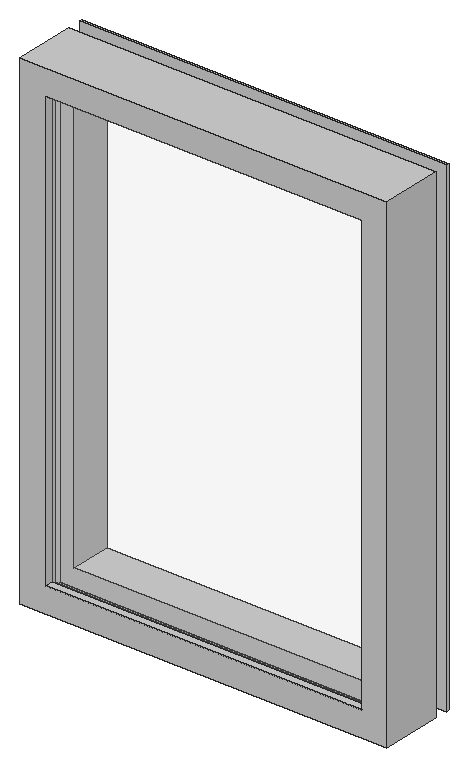
Revit family "Windows_US-Bullet-Proofing_USAW800-1", category Windows, host Wall, Revit 2019
Family settings
  Host = Wall
  OmniClass Number = 23.30.20.00
  OmniClass Title = Windows
  Always vertical = Yes
  Cut with Voids When Loaded = No
  Shared = No
  Room Calculation Point = No
Parameters (values of type "3' x 4'")
  z_Window Offset [instance] = 0' - 0 91/128"  # constant formula
  z_Glass Thickness Control [instance] = if(Glass Thickness < 0' 0 1/4", 0' 0 1/4", if(Glass Thickness > 0' 1 3/4", 0' 1 3/4", Glass Thickness))  # 0' - 1 3/4"
  URL = "https://www.usbulletproofing.com/"
  Sizing Note [instance] = "Custom sizes are available, please contact manufacturer for more information."  # constant formula
  Rough Width = Width + 2 * Gap  # 3' - 0 3/4"
  Rough Height = Height + 2 * Gap  # 4' - 0 3/4"
  Product url = "https://www.usbulletproofing.com/products/windows/usaw-800/"
  Product data url = "https://www.bimobject.com/us-bullet-proofing/products/windows-usaw-800"
  Product Material [instance] = US Bullet Proofing - Aluminum - Clear Anodized
  Product Guid = "bcf64f5a-8ed8-458f-8eeb-543cc4cc5646"
  Model = "USAW 800"  # constant formula
  Manufacturer = "US Bullet Proofing"  # constant formula
  Keynote = "08510"
  Installation Offset from Interior [instance] = 0' - 0"
  Height = 4' - 0"
  Glass Thickness Note = "The glazing system can be capable of accepting various thickness, ranging from ¼” to 1 3/4”"  # constant formula
  Glass Thickness = 0' - 1 3/4"
  Gap = 0' - 0 3/8"
  Description = "USAW 800 – Bullet/Blast/Forced Resistant Fixed Aluminum Window System"  # constant formula
  Default Sill Height = 3' - 0"
  Wall Closure = By host
  Width = 3' - 0"
  Assembly Code = "C1010710"
  Analytic Construction = "<None>"
Reference planes (in)
  plane 1 "Center (Front/Back)": y = 0
  plane 2: z = 0
  plane 3 "Center (Left/Right)": x = 0
  plane 4 "/": x = -18
  plane 5 "//": x = 18
  plane 6 "////": z = 36.375
  plane 7 "1": z = 84.375
  plane 8: y = -1.83594
  plane 9: y = -0.08594
  plane 10: y = -0.96094
  plane 11: x = -16.33146
  plane 12: x = 16.33203
  plane 13: z = 83.66351
  plane 14: z = 37.5
  plane 15: z = 60.375
  plane 16 "Interior": y = -3
  plane 17: y = -3
  plane 18: z = 37.08594
  plane 19 "Left": x = -18.375
  plane 20 "Right": x = 18.375
  plane 21 "Sill": z = 36
  plane 22 "Top": z = 84.75
  plane 23: z = 83.25
  plane 24: z = 71.8125
  plane 25: z = 48.9375
Forms (in)
  Extrusion 1, solid, material "US Bullet Proofing - Glass - Clear"
    sketch origin (0, 0, 36.375) x (0, -1, 0) y (1, 0, 0)
      loop
        line (1.83594, -16.33146) -> (1.83594, 16.33203) -> (0.08594, 16.33203) -> (0.08594, -16.33146) -> (1.83594, -16.33146)
    from 1.125 to 46.875
  Sweep 2, solid, material "US Bullet Proofing - Aluminum - Clear Anodized" <- "Product Material"
    path origin (0, 0, 0) x (1, 0, 0) y (0, 0, 1)
      loop
        line (-18, 84.375) -> (-18, 36.375) -> (18, 36.375) -> (18, 84.375) -> (-18, 84.375)
    profile origin (-18, 0, 60.375) x (-1, 0, 0) y (0, -1, 0)
      loop
        line (-2.5, 3) -> (-2.5, 2.25) -> (-1.875, 2.25) -> (-1.875, 2.5) -> (-0.625, 2.5) -> (-0.625, -0.4375) -> (-2.5, -0.4375) -> (-2.5, -4.5128) -> (0, -4.5128) -> (0, -4.2628) -> (-2.39, -4.2628) -> (-2.39, -3) -> (0, -3) -> (0, 3) -> (-2.5, 3)
Lines and regions (in)
  Opening 1
    outline origin (-60, -3, 0) x (1, 0, 0) y (0, 0, 1)
      loop
        line (41.625, 84.75) -> (41.625, 36) -> (78.375, 36) -> (78.375, 84.75) -> (41.625, 84.75)
  Masking region 1, detail levels medium+fine
    outline origin (0, 0, 36.375) x (0, -1, 0) y (1, 0, 0)
      loop
        line (1.83594, -16.33146) -> (1.83594, 16.33203) -> (0.08594, 16.33203) -> (0.08594, -16.33146) -> (1.83594, -16.33146)
  model lines
    curve 1: line (0, -3, 62.625) -> (0, -3, 58.125)
    curve 2: line (-2.25, -3, 60.375) -> (2.25, -3, 60.375)
  symbolic lines, style "WindowsHiddenLines"
    curve 3: line (-18, 4.5128, 36.375) -> (18, 4.5128, 36.375)
    curve 4: line (18, -3, 36.375) -> (-18, -3, 36.375)
  symbolic lines, style "Windows", detail levels coarse
    curve 5: line (16.33203, -0.96094, 36.375) -> (-16.33146, -0.96094, 36.375)
Text (in)
  text "EXTERIOR" at (-58.6888, 50.90694, 0), in view "Ref. Level"
  text "INTERIOR" at (-58.6888, -37.76638, 0), in view "Ref. Level"
  text "Exterior" at (0, 43.65631, 123.19604), in view "Left"
  text "Exterior" at (0, 18.29385, 125.04747), in view "Right"
Dimensions and locks (in)
  equal spacing: plane 4 "/", plane 3 "Center (Left/Right)", plane 5 "//"
  "Width": plane 4 "/" to plane 5 "//"
  "Height": plane 6 "////" to plane 7 "1"
  equal spacing: plane 8, plane 10, plane 9
  "z_Glass Thickness Control": plane 8 to plane 9
  locked: plane 4 "/" to plane 11 at 1.66854
  locked: plane 12 to plane 5 "//" at 1.66797
  locked: plane 13 to plane 7 "1" at 0.71149
  locked: plane 6 "////" to plane 14 at 1.125
  equal spacing: plane 7 "1", plane 15, plane 6 "////"
  locked: plane 16 "Interior" to plane 10 at 2.03906
  "Installation Offset from Interior": plane 17 to plane 16 "Interior"
  "z_Window Offset": plane 6 "////" to plane 18
  "Gap": plane 4 "/" to plane 19 "Left"
  "Gap": plane 5 "//" to plane 20 "Right"
  locked: plane 7 "1" to plane 23 at 1.125
  "Gap": plane 22 "Top" to plane 7 "1"
  "Gap": plane 6 "////" to plane 21 "Sill"
  "Default Sill Height": plane 21 "Sill" to level
  equal spacing: curve 1, plane 15, curve 1, locked at 2.25 each
  equal spacing: curve 2, plane 3 "Center (Left/Right)", curve 2, locked at 2.25 each
  plane 16 "Interior" to Sweep 2 sketch curve to Sweep 2 sketch curve to Sweep 2 sketch curve to Sweep 2 sketch curve = 0' - 0 1/2" locked, 0' - 0 1/4" locked, 0' - 2 11/16" locked, 0' - 4.0753" locked
  equal spacing: plane 15, plane 25, plane 14
  equal spacing: plane 23, plane 24, plane 15
  Sweep 2 sketch curve to Sweep 2 sketch curve to Sweep 2 sketch curve = 0' - 1.2628" locked, 0' - 0 1/4" locked
  aligned and locked: level to plane 2
  aligned and locked: Extrusion 1 sketch curve to plane 11
  aligned and locked: plane 8 to Extrusion 1 sketch curve
  aligned and locked: Extrusion 1 sketch curve to plane 9
  aligned and locked: Extrusion 1 sketch curve to plane 12
  aligned and locked: plane 7 "1" to Sweep 2 sketch curve
  aligned and locked: Sweep 2 sketch curve to plane 4 "/"
  aligned and locked: plane 5 "//" to Sweep 2 sketch curve
  aligned and locked: plane 6 "////" to Sweep 2 sketch curve
  aligned and locked: Masking region 1 sketch curve to plane 11
  aligned and locked: plane 8 to Masking region 1 sketch curve
  aligned and locked: Masking region 1 sketch curve to plane 9
  aligned and locked: Masking region 1 sketch curve to plane 12
  aligned and locked: plane 17 to host wall
  aligned and locked: plane 4 "/" to nested 1
  aligned and locked: plane 5 "//" to nested 2
  aligned and locked: Opening 1 sketch curve to plane 19 "Left"
  aligned and locked: Opening 1 sketch curve to plane 22 "Top"
  aligned and locked: Opening 1 sketch curve to plane 20 "Right"
  aligned and locked: Opening 1 sketch curve to plane 21 "Sill"
  aligned and locked: nested 1 to plane 16 "Interior"
  aligned and locked: plane 16 "Interior" to nested 2
  aligned and locked: plane 14 to Extrusion 1
  aligned and locked: plane 23 to Extrusion 1
  aligned and locked: curve 2 to plane 15
  aligned and locked: curve 1 to plane 3 "Center (Left/Right)"
  aligned and locked: Sweep 2 sketch curve to plane 16 "Interior"
  aligned and locked: curve 3 to Sweep 2
  aligned and locked: curve 4 to Sweep 2
  aligned and locked: plane 10 to curve 5
  aligned and locked: plane 11 to curve 5
  aligned and locked: plane 12 to curve 5
Automatic sketch dimensions
  Sweep 2 sketch curve to profile plane = 0' - 0"  (x2)
  profile plane to Sweep 2 sketch curve = 0' - 0 5/8"
  Sweep 2 sketch curve to Sweep 2 sketch curve = 0' - 1 1/4"
  Sweep 2 sketch curve to Sweep 2 sketch curve = 0' - 2.39"
  Sweep 2 sketch curve to Sweep 2 sketch curve = 0' - 0 5/8"
  Sweep 2 sketch curve to Sweep 2 sketch curve = 0' - 0.11"
  curve 1 to plane 15 = 0' - 2 1/4"
  curve 2 to plane 3 "Center (Left/Right)" = 0' - 2 1/4"
  curve 3 to plane 4 "/" = 0' - 0"
  curve 3 to plane 5 "//" = 0' - 0"
  curve 4 to plane 4 "/" = 0' - 0"
  curve 4 to plane 5 "//" = 0' - 0"
Nested families (in)
  nested 1: "Edge Profil 800" at (-16.7558, -3, 36.375) x (1, 0, 0) z (0, 0, -1), type "Family1"
  nested 2: "Edge Profil 800" at (16.7558, -3, 36.375) x (-1, 0, 0) z (0, 0, -1), type "Family1"
Definition of nested family "Edge Profil 800"
  Reference planes (in)
    plane 1 "Center (Front/Back)": y = 0
    plane 2: z = 0
    plane 3 "Center (Left/Right)": x = 0
    plane 4: x = -1.2442
  Lines and regions (in)
    Masking region 1, in view "Ref. Level"
      outline origin (0, 0, 0) x (1, 0, 0) y (0, 1, 0)
        loop
          line (1.2558, 0) -> (-1.2442, 0) -> (-1.2442, -6) -> (1.1458, -6) -> (1.1458, -7.2628) -> (-1.2442, -7.2628) -> (-1.2442, -7.5128) -> (1.2558, -7.5128) -> (1.2558, -3.4375) -> (-0.6192, -3.4375) -> (-0.6192, -0.5) -> (0.6308, -0.5) -> (0.6308, -0.75) -> (1.2558, -0.75) -> (1.2558, 0)
